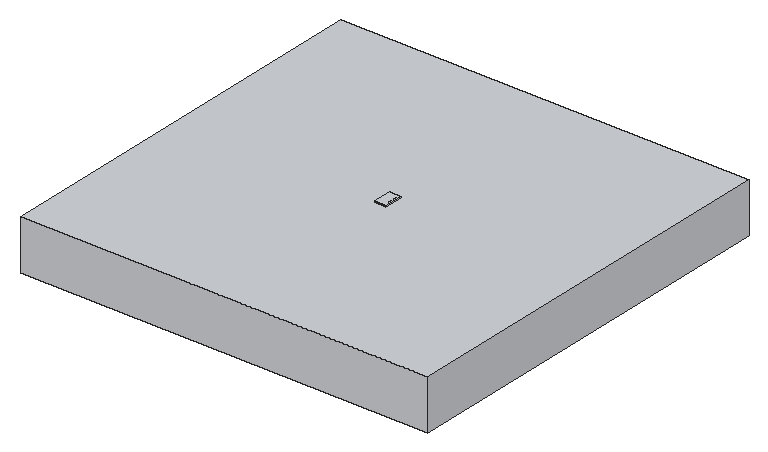
Revit family "1c32c47a5671403b8d4113f0f3381bf1", category Data Devices, host Face, Revit 2021
Family settings
  Host = Face
  Maintain Annotation Orientation = Yes
  Round Connector Dimension = Use Diameter
  Part Type = Normal
  OmniClass Number = 23.85.50.17.11
  OmniClass Title = Computer Network Equipment
  Seek Item ID = Data Outlet-0000-USA-ENU
  Cut with Voids When Loaded = No
  Shared = No
  Room Calculation Point = No
Parameters (values of type "Plain")
  Label = ""
  Default Elevation = 1' - 6"
  Assembly Code = ""
Reference planes (in)
  plane 1 "Center (Front/Back)": y = 0
  plane 2: z = 0
  plane 3 "Center (Left/Right)": x = 0
  plane 4 "Left Inside": x = -0.75
  plane 5 "Right Inside": x = 0.75
  plane 6 "Top Inside": y = 1.5
  plane 7 "Bottom Inside": y = -1.5
  plane 8 "Left Outside": x = -1.375
  plane 9 "Right Outside": x = 1.375
  plane 10 "Top Outside": y = 2.25
  plane 11 "Bottom Outside": y = -2.25
  plane 12 "Front": z = 0.1875
  plane 13 "Back": z = -2.125
Forms (in)
  Extrusion 1, solid
    sketch origin (0, 0, 0) x (1, 0, 0) y (0, 1, 0)
      loop
        line (-49.63881, 48) -> (-49.63881, -48) -> (48, -48) -> (48, 48) -> (-49.63881, 48)
    from 0 to -12
  Extrusion 2, solid
    sketch origin (0, 0, 0) x (1, 0, 0) y (0, 1, 0)
      loop
        line (-0.75, 1.5) -> (-0.75, -1.5) -> (0.75, -1.5) -> (0.75, 1.5) -> (-0.75, 1.5)
    from 0 to -2.125
  Extrusion 3, solid
    sketch origin (0, 0, 0) x (1, 0, 0) y (0, 1, 0)
      loop
        line (-1.375, 2.25) -> (-1.375, -2.25) -> (1.375, -2.25) -> (1.375, 2.25) -> (-1.375, 2.25)
    from 0 to 0.1875
Lines and regions (in)
  symbolic lines, detail levels fine
    curve 1: line (-1.375, 0, 0) -> (1.375, 0, 0)
    curve 2: line (-1.375, 0, 0.1875) -> (-1.375, 0, 0)
    curve 3: line (1.375, 0, 0.1875) -> (-1.375, 0, 0.1875)
    curve 4: line (1.375, 0, 0) -> (1.375, 0, 0.1875)
    curve 5: line (0.75, 0, -2.125) -> (0.75, 0, 0)
    curve 6: line (-0.75, 0, -2.125) -> (0.75, 0, -2.125)
    curve 7: line (-0.75, 0, 0) -> (-0.75, 0, -2.125)
Dimensions and locks (in)
  equal spacing: plane 4 "Left Inside", plane 3 "Center (Left/Right)", plane 5 "Right Inside"
  locked: plane 4 "Left Inside" to plane 5 "Right Inside" at 1.5
  equal spacing: plane 6 "Top Inside", plane 1 "Center (Front/Back)", plane 7 "Bottom Inside"
  locked: plane 6 "Top Inside" to plane 7 "Bottom Inside" at 3
  equal spacing: plane 8 "Left Outside", plane 3 "Center (Left/Right)", plane 9 "Right Outside"
  locked: plane 8 "Left Outside" to plane 9 "Right Outside" at 2.75
  equal spacing: plane 10 "Top Outside", plane 1 "Center (Front/Back)", plane 11 "Bottom Outside"
  locked: plane 10 "Top Outside" to plane 11 "Bottom Outside" at 4.5
  locked: plane 12 "Front" to plane 2 at 0.1875
  locked: plane 2 to plane 13 "Back" at 2.125
  aligned and locked: plane 2 to Extrusion 1
  aligned and locked: level to Extrusion 1
  aligned and locked: plane 4 "Left Inside" to Extrusion 2 sketch curve
  aligned and locked: Extrusion 2 sketch curve to plane 6 "Top Inside"
  aligned and locked: plane 7 "Bottom Inside" to Extrusion 2 sketch curve
  aligned and locked: Extrusion 2 sketch curve to plane 5 "Right Inside"
  aligned and locked: Extrusion 2 to plane 13 "Back"
  aligned and locked: plane 8 "Left Outside" to Extrusion 3 sketch curve
  aligned and locked: Extrusion 3 sketch curve to plane 10 "Top Outside"
  aligned and locked: plane 11 "Bottom Outside" to Extrusion 3 sketch curve
  aligned and locked: Extrusion 3 sketch curve to plane 9 "Right Outside"
  aligned and locked: plane 12 "Front" to Extrusion 3
  aligned and locked: plane 8 "Left Outside" to curve 2
  aligned and locked: curve 4 to plane 9 "Right Outside"
  aligned and locked: plane 12 "Front" to curve 3
  aligned and locked: curve 1 to level
  aligned and locked: curve 7 to plane 4 "Left Inside"
  aligned and locked: plane 5 "Right Inside" to curve 5
  aligned and locked: curve 6 to plane 13 "Back"
  aligned and locked: plane 2 to curve 7
  aligned and locked: plane 8 "Left Outside" to curve 1
Automatic sketch dimensions
  Extrusion 1 sketch curve to Extrusion 1 sketch curve = 8' - 1.63881"
  Extrusion 1 sketch curve to Extrusion 1 sketch curve = 8' - 0"
Nested families (in)
  nested 1: "Data Annotation" at (0, 1.5, 0), type "Data Annotation", detail levels coarse+medium
Connectors (in)
  electrical at (0, 1.5, -1.0625)
    settings: on Extrusion 2, index 1, voltage 0 V, apparent load 0 VA, apparent load phase1 0 VA, apparent load phase2 0 VA, apparent load phase3 0 VA, power factor 0, load classification "Other", number of poles 1, system type 5, power factor state 1, is connector primary yes, connector utility no, sub classification motor no, connector description ""
Definition of nested family "Data Annotation"
  Parameters
    Label Annotation = ""
  Reference planes (in)
    plane 1: y = 0
    plane 2: x = 0
  Lines and regions (in)
    detail lines
      curve 1: line (-0.07217, 0.125, 0) -> (0.07217, 0.125, 0)
      curve 2: line (0.07217, 0.125, 0) -> (0, 0, 0)
      curve 3: line (0, 0, 0) -> (-0.07217, 0.125, 0)
  Text (in)
    label "W" at (0.04207, -0.00273, 0), shows "Label Annotation"
